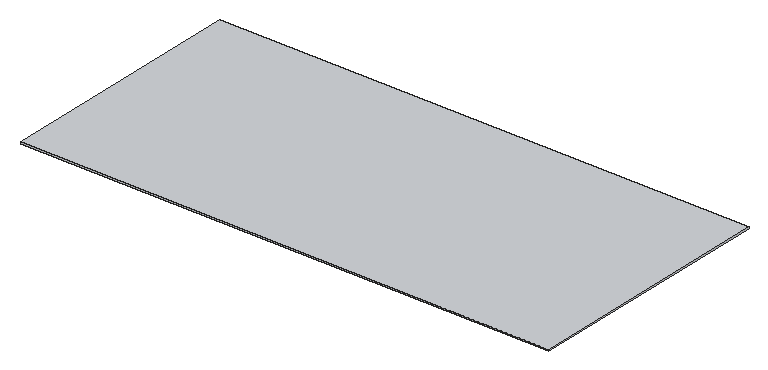
Revit family "Машинка для АР_Регулируемые углы", category Парковка, Revit 2021
Family settings
  На основе рабочей плоскости = Нет
  Всегда вертикально = Нет
  При загрузке вырезать с полостями = Нет
  Общий = Нет
Parameters (values of type "угол 41")
  смещение от уровня [instance] = 0 mm
  деление [instance] = Сложение / 2  # 1979.287 mm
  Цвет = none
  Средний = no
  Сложение [instance] = ADSK_ПлощадьДлина 1 + ADSK_ПлощадьДлина 2  # 3958.575 mm
  Площадь м/м [instance] = (ADSK_Размер_Ширина * деление) + (ADSK_Размер_Ширина * ADSK_Размер_Длина)  # 18.1982 m²
  Номер машины [instance] = 0
  Малый = yes
  Класс машины = "М"
  Инвалид = no
  Включить контур [instance] = yes
  Большой_сбоку = no
  Большой = no
  Q7 спереди = no
  Q7 сбоку = no
  ADSK_Размер_Ширина [instance] = 2500 mm
  ADSK_Размер_УголПоворота2 [instance] = 41.00°
  ADSK_Размер_Длина [instance] = 5300 mm
  ADSK_ПлощадьДлина 2 [instance] = 3065.896 mm
  ADSK_ПлощадьДлина 1 [instance] = 892.679 mm
Types (4, lengths in mm): name | деление | Сложение | Площадь м/м | ADSK_ПлощадьДлина 2
  Машиноместо 6600х2500 | 1979.287 | 3958.575 | 18.1982 m² | 3065.896
  среднее 2 | 2330.639 | 4661.279 | 19.0766 m² | 3768.6
  среднее | 2330.639 | 4661.279 | 19.0766 m² | 3768.6
  угол 41 | 1979.287 | 3958.575 | 18.1982 m² | 3065.896
Reference planes
  plane 1 "По центру (Вперед/Назад)": y = 0
  plane 2: z = 0
  plane 3 "По центру (Влево/Вправо)": x = 0
  plane 4: y = 1250
  plane 5: y = -1250
  plane 6: x = -2650
  plane 7: x = 2650
Forms (mm)
  Extrusion 1, solid, material <- "Цвет"
    sketch origin (0, 0, 0) x (1, 0, 0) y (0, 1, 0)
      loop
        line (-2650, 1250) -> (-2650, -1250) -> (2650, -1250) -> (2650, 1250) -> (-2650, 1250)
    from -10 to 0
Lines and regions (mm)
  model lines, style "Обозначение машиноместа"
    curve 1: line (-2650, 1250, 0) -> (2650, 1250, 0)
    curve 2: line (-2650, -1250, 0) -> (-2650, 1250, 0)
    curve 3: line (2650, -1250, 0) -> (-2650, -1250, 0)
    curve 28: line (-2650, -1250, 0) -> (5715.896, -1250, 0)
    curve 29: line (5715.896, -1250, 0) -> (3542.679, 1250, 0)
    curve 30: line (3542.679, 1250, 0) -> (2650, 1250, 0)
  symbolic lines, visible <- "Малый"
    curve 4: line (-1850, 800, 0) -> (1850, 800, 0)
    curve 5: line (-1850, -800, 0) -> (-1850, 800, 0)
    curve 6: line (1850, -800, 0) -> (-1850, -800, 0)
    curve 7: line (1850, 800, 0) -> (1850, -800, 0)
  symbolic lines, visible <- "Большой"
    curve 8: line (-2325, 950, 0) -> (2375, 950, 0)
    curve 9: line (-2325, -950, 0) -> (-2325, 950, 0)
    curve 10: line (2375, -950, 0) -> (-2325, -950, 0)
    curve 11: line (2375, 950, 0) -> (2375, -950, 0)
  symbolic lines, visible <- "Малый", not visible
    curve 12: line (11793.327, 1500, 0) -> (15493.327, 1500, 0)
    curve 13: line (11793.327, -100, 0) -> (11793.327, 1500, 0)
    curve 14: line (15493.327, -100, 0) -> (11793.327, -100, 0)
    curve 15: line (15493.327, 1500, 0) -> (15493.327, -100, 0)
  symbolic lines, visible <- "Большой", not visible
    curve 16: line (9695.804, 7876.358, 0) -> (14395.804, 7876.358, 0)
    curve 17: line (9695.804, 5976.358, 0) -> (9695.804, 7876.358, 0)
    curve 18: line (14395.804, 5976.358, 0) -> (9695.804, 5976.358, 0)
    curve 19: line (14395.804, 7876.358, 0) -> (14395.804, 5976.358, 0)
  symbolic lines, visible <- "Включить контур"
    curve 20: line (-2325, 950, 0) -> (2375, 950, 0)
    curve 21: line (-2325, -950, 0) -> (-2325, 950, 0)
    curve 22: line (2375, -950, 0) -> (-2325, -950, 0)
    curve 23: line (2375, 950, 0) -> (2375, -950, 0)
  symbolic lines, visible <- "Включить контур", not visible
    curve 24: line (-2325, 950, 0) -> (2375, 950, 0)
    curve 25: line (-2325, -950, 0) -> (-2325, 950, 0)
    curve 26: line (2375, -950, 0) -> (-2325, -950, 0)
    curve 27: line (2375, 950, 0) -> (2375, -950, 0)
  reference lines
    curve 31: line (6677.191, 2126.117, 0) -> (6677.191, -1973.883, 0)
Dimensions and locks
  equal spacing: plane 6, plane 3 "По центру (Влево/Вправо)", plane 7
  "ADSK_Размер_Длина": plane 6 to plane 7
  equal spacing: plane 4, plane 1 "По центру (Вперед/Назад)", plane 5
  "ADSK_Размер_Ширина": plane 4 to plane 5
  "ADSK_ПлощадьДлина 1": plane 7 to curve 30
  "ADSK_ПлощадьДлина 2": plane 7 to curve 29
  locked: Extrusion 1 to Extrusion 1 (angle 90.00°)
  "ADSK_Размер_УголПоворота2": angle curve 31 to curve 29
  aligned and locked: level to plane 2
  aligned and locked: Extrusion 1 sketch curve to plane 4
  aligned and locked: plane 6 to Extrusion 1 sketch curve
  aligned and locked: plane 5 to Extrusion 1 sketch curve
  aligned and locked: Extrusion 1 sketch curve to plane 7
  aligned and locked: curve 1 to Extrusion 1
  aligned and locked: curve 2 to Extrusion 1
  aligned and locked: plane 1 "По центру (Вперед/Назад)" to import instance
  aligned and locked: level to import instance
  aligned and locked: plane 4 to curve 29
  aligned and locked: curve 28 to curve 29
  aligned and locked: curve 28 to plane 5
Automatic sketch dimensions
  curve 31 to plane 5 = 723.883 mm
  plane 7 to curve 31 = 4027.191 mm
  plane 4 to curve 31 = 876.117 mm
  curve 1 to plane 7 = 0 mm
  curve 3 to plane 7 = 0 mm
